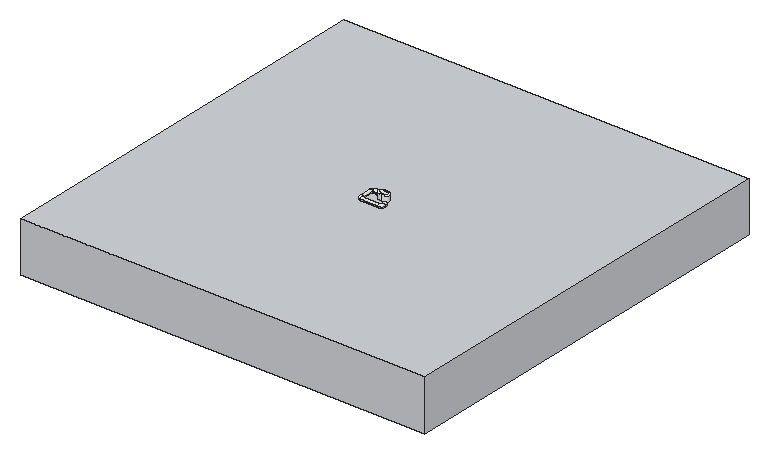
Revit family
Parameters (values of type "B-2716")
  Width = 5 7/8"
  URL = "http://www.bobrick.com/Pages/default.aspx"
  Type Comments = ""
  Specification = "Toilet Paper Holder shall be polyamide 6 with glossy finish. Concealed Wall Plate shall be equipped with two mounting screw holes for attachment to the wall. Toilet Paper Holder shall have Holder Housing to snap over Wall Plate to conceal mounting screws. Toilet Paper Holder Bar shall be 3/4\" (20mm) diameter, polyamide 6 -fiberglass reinforced nylon rod, secured to housing by firmly pushing split, flanged end of bar into the wall assembly, allowing for right or left handed assembly. Nylon Toilet Paper Holder shall be Model B-2716 of Bobrick Washroom Equipment, Inc., Clifton Park, New York; Jackson, Tennessee; Los Angeles, California; Bobrick Washroom Equipment Company, Scarborough, Ontario; Bobrick Washroom Equipment Pty. Ltd., Australia; and Bobrick Washroom Equipment Limited, United Kingdom."
  Price = "Prices may vary. Please consult Manufacturer Representative for most up-to-date price list."  # constant formula
  Phone Number = "416-250-5656"  # constant formula
  Omniclass Table 23 Title = "Toilet Paper Dispensers"  # constant formula
  Omniclass Table 23 Code = "23.40.20.21.21"  # constant formula
  Model = "B-2716"
  Material = Polyamide-Bobrick-Glossy
  Manufacturer = "Bobrick"
  Length = 1 3/8"
  Installation Type = "Wall Mounted"
  Height = 4 3/4"
  Description = "Bobrick Toilet Paper Holder"
  Default Elevation = 24"
  Creation Date = "06/04/2015"  # constant formula
  Created By = "Allied Technical Services"  # constant formula
  Assembly Code = ""
  ATS URL = "http://www.atsspec.net"
Reference planes (in)
  plane 1 "Center (Front/Back)": y = 0
  plane 2: z = 0
  plane 3 "Center (Left/Right)": x = 0
  plane 4: y = -24
Forms (in)
  Extrusion 1, solid
    sketch origin (0, 0, 0) x (1, 0, 0) y (0, 1, 0)
      loop
        line (-48, 48) -> (-48, -48) -> (48, -48) -> (48, 48) -> (-48, 48)
    from 0 to -12
  Sweep 2, solid, material "Polyamide-Bobrick-Glossy" <- "Material"
    path origin (0, -0.09375, 0) x (1, 0, 0) y (0, 1, 0)
      loop
        spline (0, -0.78125) -> (0.3397, -0.75463) -> (0.65625, -0.67658) -> (0.92808, -0.55243) -> (1.13666, -0.39063) -> (1.26778, -0.2022) -> (1.3125, 0) -> (1.26778, 0.2022) -> (1.13666, 0.39062) -> (0.92808, 0.55243) -> (0.65625, 0.67658) -> (0.3397, 0.75463) -> (0, 0.78125)
        spline (0, 0.78125) -> (-0.3397, 0.75463) -> (-0.65625, 0.67658) -> (-0.92808, 0.55243) -> (-1.13666, 0.39062) -> (-1.26778, 0.2022) -> (-1.3125, 0) -> (-1.26778, -0.2022) -> (-1.13666, -0.39063) -> (-0.92808, -0.55243) -> (-0.65625, -0.67658) -> (-0.3397, -0.75463) -> (0, -0.78125)
    profile origin (1.3125, -0.09375, 0) x (-1, 0, 0) y (0, 0, 1)
      loop
        line (0, 0) -> (0.25, 0) -> (0.25, 1.375) -> (0.125, 1.375)
        arc (0.125, 1.375) -> (0.03661, 1.33839) -> (0, 1.25) r 0.125
        line (0, 1.25) -> (0, 0)
  Extrusion 3, solid, material "Polyamide-Bobrick-Glossy" <- "Material"
    sketch origin (0, -0.09375, 0) x (1, 0, 0) y (0, 1, 0)
      loop
        spline (0, 0.53125) -> (-0.30034, 0.50771) -> (-0.5749, 0.44003) -> (-0.80021, 0.3376) -> (-0.95718, 0.21656) -> (-1.03978, 0.09961) -> (-1.0625, 0) -> (-1.03978, -0.09961) -> (-0.95718, -0.21656) -> (-0.80021, -0.3376) -> (-0.5749, -0.44003) -> (-0.30034, -0.50771) -> (0, -0.53125)
        spline (0, -0.53125) -> (0.30034, -0.50771) -> (0.5749, -0.44003) -> (0.80021, -0.3376) -> (0.95718, -0.21656) -> (1.03978, -0.09961) -> (1.0625, 0) -> (1.03978, 0.09961) -> (0.95718, 0.21656) -> (0.80021, 0.3376) -> (0.5749, 0.44003) -> (0.30034, 0.50771) -> (0, 0.53125)
    from 0 to 1.375
  Sweep 4, solid, material "Polyamide-Bobrick-Glossy" <- "Material"
    path origin (0, 0, 0) x (1, 0, 0) y (0, 1, 0)
      loop
        line (0, 0) -> (-2.3125, 0)
        arc (-2.3125, 0) -> (-2.66605, -0.14645) -> (-2.8125, -0.5) r 0.5
        line (-2.8125, -0.5) -> (-2.8125, -3.1875)
        arc (-2.8125, -3.1875) -> (-2.66605, -3.54105) -> (-2.3125, -3.6875) r 0.5
        line (-2.3125, -3.6875) -> (1.8125, -3.6875)
        arc (1.8125, -3.6875) -> (2.16605, -3.54105) -> (2.3125, -3.1875) r 0.5
        line (2.3125, -3.1875) -> (2.3125, -2.5625)
    profile origin (-1.15625, 0, 0) x (0, -1, 0) y (0, 0, 1)
      loop
        circle (0, 0.79688) r 0.375
Cuts and joins
  joined: Sweep 2, Extrusion 3, Sweep 4
Lines and regions (in)
  Masking region 1
    outline origin (0, 0, 0) x (1, 0, 0) y (0, 1, 0)
      loop
        spline (0, 0.6875) -> (-0.10132, 0.68517) -> (-0.20204, 0.67819) -> (-0.30155, 0.6666) -> (-0.39926, 0.65048) -> (-0.49459, 0.62991) -> (-0.58697, 0.60502) -> (-0.67584, 0.57596) -> (-0.76068, 0.54291) -> (-0.84098, 0.50606) -> (-0.91626, 0.46562) -> (-0.98607, 0.42185) -> (-1.05, 0.375)
        line (-1.05, 0.375) -> (-2.4375, 0.375)
        arc (-2.4375, 0.375) -> (-2.96783, 0.15533) -> (-3.1875, -0.375) r 0.75
        line (-3.1875, -0.375) -> (-3.1875, -3.3125)
        arc (-3.1875, -3.3125) -> (-2.96783, -3.84283) -> (-2.4375, -4.0625) r 0.75
        line (-2.4375, -4.0625) -> (1.9375, -4.0625)
        arc (1.9375, -4.0625) -> (2.46783, -3.84283) -> (2.6875, -3.3125) r 0.75
        line (2.6875, -3.3125) -> (2.6875, -2.5625) -> (1.9375, -2.5625) -> (1.9375, -3.1875)
        arc (1.9375, -3.1875) -> (1.90089, -3.27589) -> (1.8125, -3.3125) r 0.125
        line (1.8125, -3.3125) -> (-2.3125, -3.3125)
        arc (-2.3125, -3.3125) -> (-2.40089, -3.27589) -> (-2.4375, -3.1875) r 0.125
        line (-2.4375, -3.1875) -> (-2.4375, -0.5)
        arc (-2.4375, -0.5) -> (-2.40089, -0.41161) -> (-2.3125, -0.375) r 0.125
        line (-2.3125, -0.375) -> (-1.2245, -0.375)
        spline (-1.2245, -0.375) -> (-1.17109, -0.44651) -> (-1.10592, -0.51448) -> (-1.02966, -0.57822) -> (-0.94307, -0.63711) -> (-0.84702, -0.69054) -> (-0.74246, -0.73799) -> (-0.63046, -0.77897) -> (-0.51213, -0.81307) -> (-0.38866, -0.83996) -> (-0.2613, -0.85936) -> (-0.13131, -0.87108) -> (0, -0.875)
        spline (0, -0.875) -> (0.3397, -0.84838) -> (0.65625, -0.77033) -> (0.92808, -0.64618) -> (1.13666, -0.48438) -> (1.26778, -0.29595) -> (1.3125, -0.09375) -> (1.26778, 0.10845) -> (1.13666, 0.29687) -> (0.92808, 0.45868) -> (0.65625, 0.58283) -> (0.3397, 0.66088) -> (0, 0.6875)
  Masking region 2
    outline origin (0, 0, 0) x (1, 0, 0) y (0, 0, 1)
      loop
        line (1.3125, 0) -> (1.3125, 0.42187) -> (2.3125, 0.42187)
        arc (2.3125, 0.42187) -> (2.6875, 0.79687) -> (2.3125, 1.17187) r 0.375
        line (2.3125, 1.17187) -> (1.3125, 1.17187) -> (1.3125, 1.25)
        arc (1.3125, 1.25) -> (1.27589, 1.33839) -> (1.1875, 1.375) r 0.125
        line (1.1875, 1.375) -> (-1.1875, 1.375)
        arc (-1.1875, 1.375) -> (-1.27589, 1.33839) -> (-1.3125, 1.25) r 0.125
        line (-1.3125, 1.25) -> (-1.3125, 1.17188) -> (-2.81232, 1.17187)
        arc (-2.81232, 1.17187) -> (-3.18732, 0.79687) -> (-2.81232, 0.42187) r 0.375
        line (-2.81232, 0.42187) -> (-1.3125, 0.42188) -> (-1.3125, 0) -> (1.3125, 0)
  Masking region 3
    outline origin (0, 0, 0) x (0, 1, 0) y (0, 0, 1)
      loop
        line (0.6875, 0) -> (0.6875, 1.25)
        arc (0.6875, 1.25) -> (0.65089, 1.33839) -> (0.5625, 1.375) r 0.125
        line (0.5625, 1.375) -> (-0.75, 1.375)
        arc (-0.75, 1.375) -> (-0.83839, 1.33839) -> (-0.875, 1.25) r 0.125
        line (-0.875, 1.25) -> (-0.875, 1.17188) -> (-3.68743, 1.17188)
        arc (-3.68743, 1.17188) -> (-4.06243, 0.79688) -> (-3.68743, 0.42188) r 0.375
        line (-3.68743, 0.42188) -> (-0.875, 0.42188) -> (-0.875, 0) -> (0.6875, 0)
  model lines, detail levels medium+fine
    curve 1: line (-1.3125, 0, 1.17188) -> (-1.3125, 0, 0.42411)
  symbolic lines, detail levels medium+fine
    curve 2: line (-1.04995, 0.375, 0) -> (-1.2245, -0.375, 0)
    curve 3: line (-1.3125, 0, 1.17188) -> (-1.3125, 0, 0.42411)
    curve 4: line (1.3125, 0, 1.17187) -> (1.3125, 0, 0.42187)
    curve 5: arc (2.3125, 0, 1.17187) -> (1.9375, 0, 0.79687) -> (2.3125, 0, 0.42187) r 0.375
    curve 6: arc (0, 0, 0.42187) -> (0, 0.375, 0.79687) -> (0, 0, 1.17187) r 0.375
    curve 7: line (0, -0.875, 1.17188) -> (0, 0, 1.17188)
    curve 8: line (0, -0.875, 0.42187) -> (0, 0, 0.42187)
Dimensions and locks (in)
  "Default Elevation": plane 4 to plane 1 "Center (Front/Back)"
  aligned and locked: plane 2 to Extrusion 1
  aligned and locked: level to Extrusion 1
Automatic sketch dimensions
  plane 1 "Center (Front/Back)" to curve 2 = 3/8"
  curve 2 to plane 3 "Center (Left/Right)" = 1.2245"
  curve 2 to plane 1 "Center (Front/Back)" = 3/8"
  curve 2 to curve 2 = 0.17455"
  Extrusion 1 sketch curve to Extrusion 1 sketch curve = 96"  (x2)
  Sweep 2 sketch curve to plane 3 "Center (Left/Right)" = 0"
  plane 1 "Center (Front/Back)" to Sweep 2 sketch curve = 7/8"
  plane 1 "Center (Front/Back)" to Sweep 2 sketch curve = 3/32"
  Sweep 2 sketch curve to profile plane = 0"  (x2)
  Sweep 2 sketch curve to Sweep 2 sketch curve = 1/8"  (x2)
  profile plane to Sweep 2 sketch curve = 1 1/4"
  Extrusion 3 sketch curve to plane 3 "Center (Left/Right)" = 0"  (x2)
  plane 1 "Center (Front/Back)" to Extrusion 3 sketch curve = 5/8"
  Extrusion 3 sketch curve to Extrusion 3 sketch curve = 0"  (x2)
  Extrusion 3 sketch curve to plane 1 "Center (Front/Back)" = 7/16"
  plane 1 "Center (Front/Back)" to Sweep 4 sketch curve = 0"
  Sweep 4 sketch curve to plane 3 "Center (Left/Right)" = 0"
  Sweep 4 sketch curve to plane 3 "Center (Left/Right)" = 2 5/16"
  Sweep 4 sketch curve to Sweep 4 sketch curve = 2 5/16"
  Sweep 4 sketch curve to Sweep 4 sketch curve = 1/2"  (x2)
  plane 3 "Center (Left/Right)" to Sweep 4 sketch curve = 1 13/16"
  plane 1 "Center (Front/Back)" to Sweep 4 sketch curve = 2 9/16"
  Sweep 4 sketch curve to Sweep 4 sketch curve = 5/8"
  Sweep 4 sketch curve to profile plane = 0"
  profile plane to Sweep 4 sketch curve = 51/64"
  level to curve 1 = 0.42411"
  curve 1 to plane 3 "Center (Left/Right)" = 1 5/16"
  curve 3 to curve 1 = 0"  (x2)
  plane 3 "Center (Left/Right)" to curve 4 = 1 5/16"
  curve 4 to curve 5 = 1"
  level to curve 5 = 27/64"
  level to curve 4 = 27/64"
  curve 5 to curve 5 = 3/8"
  curve 4 to curve 4 = 3/4"
  curve 1 to curve 3 = 0.74776"
  curve 1 to curve 3 = 0"
  Masking region 1 sketch curve to plane 3 "Center (Left/Right)" = 0"
  Masking region 1 sketch curve to plane 1 "Center (Front/Back)" = 3/8"
  Masking region 1 sketch curve to plane 3 "Center (Left/Right)" = 1.05"
  plane 1 "Center (Front/Back)" to Masking region 1 sketch curve = 3/8"  (x2)
  Masking region 1 sketch curve to Masking region 1 sketch curve = 0.1745"
  Masking region 1 sketch curve to plane 3 "Center (Left/Right)" = 2 5/16"
  Masking region 1 sketch curve to Masking region 1 sketch curve = 1.088"
  Masking region 1 sketch curve to Masking region 1 sketch curve = 1/8"  (x6)
  plane 3 "Center (Left/Right)" to Masking region 1 sketch curve = 1 13/16"
  Masking region 1 sketch curve to Masking region 1 sketch curve = 3/4"
  plane 1 "Center (Front/Back)" to Masking region 1 sketch curve = 7/8"
  Masking region 1 sketch curve to Masking region 1 sketch curve = 0"  (x2)
  plane 1 "Center (Front/Back)" to Masking region 1 sketch curve = 2 9/16"
  Masking region 1 sketch curve to Masking region 1 sketch curve = 5/8"
  plane 1 "Center (Front/Back)" to Masking region 1 sketch curve = 3/32"
  Masking region 2 sketch curve to level = 0"
  level to Masking region 2 sketch curve = 27/64"
  Masking region 2 sketch curve to plane 3 "Center (Left/Right)" = 2.81232"
  Masking region 2 sketch curve to plane 3 "Center (Left/Right)" = 1 5/16"
  Masking region 2 sketch curve to Masking region 2 sketch curve = 0"  (x2)
  Masking region 2 sketch curve to Masking region 2 sketch curve = 1/8"  (x2)
  plane 3 "Center (Left/Right)" to Masking region 2 sketch curve = 1 3/16"
  Masking region 2 sketch curve to Masking region 2 sketch curve = 1"
  Masking region 2 sketch curve to Masking region 2 sketch curve = 27/64"
  Masking region 2 sketch curve to Masking region 2 sketch curve = 3/8"  (x2)
  Masking region 2 sketch curve to Masking region 2 sketch curve = 5/64"
  Masking region 3 sketch curve to level = 0"
  level to Masking region 3 sketch curve = 27/64"
  plane 1 "Center (Front/Back)" to Masking region 3 sketch curve = 3.68743"
  plane 1 "Center (Front/Back)" to Masking region 3 sketch curve = 7/8"  (x2)
  Masking region 3 sketch curve to Masking region 3 sketch curve = 1/8"
  Masking region 3 sketch curve to plane 1 "Center (Front/Back)" = 9/16"
  Masking region 3 sketch curve to plane 1 "Center (Front/Back)" = 11/16"
  Masking region 3 sketch curve to Masking region 3 sketch curve = 3/8"
  Masking region 3 sketch curve to Masking region 3 sketch curve = 1 1/4"
  curve 6 to plane 1 "Center (Front/Back)" = 0"
  curve 7 to plane 1 "Center (Front/Back)" = 0"
  level to curve 8 = 27/64"
  plane 1 "Center (Front/Back)" to curve 8 = 7/8"
  curve 7 to curve 8 = 0"
  curve 6 to curve 6 = 3/8"
  curve 6 to curve 7 = 0"
  radius of Sweep 4 sketch curve = 3/8"
